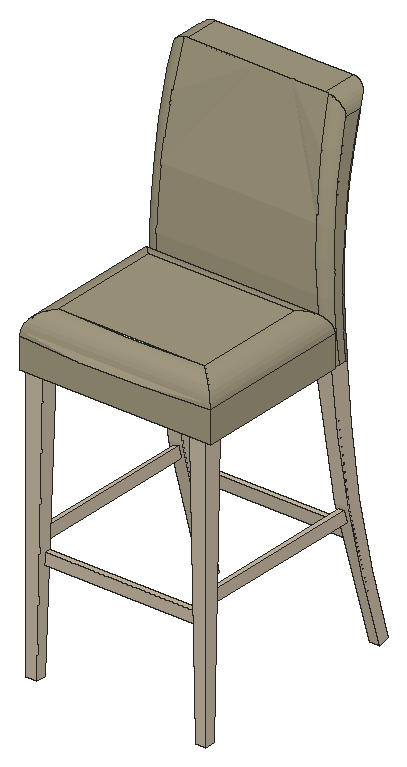
Revit family "Furniture_Chair_PALM BEACH 4.0", category Furniture, Revit 2020
Family settings
  OmniClass Number = 23.21.23.15.17
  Work Plane-Based = Yes
  Always vertical = No
  Cut with Voids When Loaded = No
  Shared = No
  Room Calculation Point = No
Parameters (values of type "PALM BEACH 4.0")
  Youtube clip = ""
  Uniformat II Description = "Movable Furnishings"
  Uniformat II Code = ""
  Uniclass 2015 Name = ""
  Uniclass 2015 Code = ""
  Uniclass 2.0 Description = ""
  Uniclass 2.0 Code = ""
  Uniclass 1.4 Description = ""
  Uniclass 1.4 Code = ""
  UNSPSC Code = ""
  Technical description = ""
  Shell Material = Fabric - Mainline Flax - Kensington MLF07
  Frame Material = Wood - Beech - Desert Aniline
  Region South America = "All"
  Region Oceania = "All"
  Region North America = "All"
  Region Middle East = "All"
  Region Europe = "All"
  Region Asia = "All"
  Region Antarctica = "All"
  Region Africa = "All"
  QR code = "https://www.sandlerseating.com/product/palm-beach-4-0/"
  Product url = "https://www.sandlerseating.com/product/palm-beach-4-0/"
  Product name = "PALM BEACH 4.0"
  Product group = "Chair"
  Product family = "Furniture"
  Product data url = "https://www.sandlerseating.com/product/palm-beach-4-0/"
  Product certification = ""
  Product SKU = "??"
  Product Guid = "??"
  OmniClass Description = ""
  OmniClass Code = "23-21 23 15 17"
  NBS Reference Description = ""
  NBS Reference Code = ""
  Model = "PALM BEACH 4.0"
  Masterformat 2014 Description = "Chair Mats"
  Masterformat 2014 Code = "12 48 43.13"
  Manufacturer name = "Sandler"
  Manufacturer country = "USA"
  Manufacturer = "Sandler"
  Installation instructions = ""
  IFC Classification = "Furnishing Element"
  GTIN code = ""
  Edition number = 1
  Design country = "Brasil"
  Description = "Chair"
  Default Elevation = 0.000 mm
  Date of publishing = ""
  COBIe Type Category = ""
  Brand url = "https://www.sandlerseating.com/"
  BIMobject main category code = "furniture"
  BIMobject main category = "Furniture"
  BIMobject category code = "furniture-chair"
  BIMobject category = "Chair"
Reference planes
  plane 1 "Center Front/Back": y = 0
  plane 2: z = 0
  plane 3 "Center Left/Right": x = 0
Forms (mm)
  SweptBlend 1, solid, material "Fabric - Mainline Flax - Kensington MLF07" <- "Shell Material"
    path origin (0, -22.924, 0) x (0, 1, 0) y (0, 0, 1)
      loop
        arc (252.688, 1144.058) -> (179.892, 880.041) -> (170.672, 606.327) r 1166.283
    profile origin (0, 229.764, 1144.058) x (0, 0.926151, -0.377154) y (1, 0, 0)
      loop
        line (25.032, -160.593) -> (25.032, 159.343)
        arc (25.032, 159.343) -> (-12.468, 196.843) -> (-49.968, 159.343) r 37.5
        line (-49.968, 159.343) -> (-49.968, -160.593)
        arc (-49.968, -160.593) -> (-12.468, -198.093) -> (25.032, -160.593) r 37.5
    end profile origin (0, 147.748, 606.327) x (0, 0.996473, 0.08391) y (1, 0, 0)
      loop
        line (24.004, -185.435) -> (24.004, 186.907)
        arc (24.004, 186.907) -> (-0.996, 211.907) -> (-25.996, 186.907) r 25
        line (-25.996, 186.907) -> (-25.996, -185.435)
        arc (-25.996, -185.435) -> (-0.996, -210.435) -> (24.004, -185.435) r 25
  Extrusion 2, void
    sketch origin (0, -22.924, 0) x (1, 0, 0) y (0, 0, 1)
      loop
        line (-210.581, 604.685) -> (-193.956, 1080.764)
        arc (-193.956, 1080.764) -> (-181.766, 1108.142) -> (-153.98, 1119.368) r 40
        line (-153.98, 1119.368) -> (153.98, 1119.368)
        arc (153.98, 1119.368) -> (181.766, 1108.142) -> (193.956, 1080.764) r 40
        line (193.956, 1080.764) -> (210.581, 604.685) -> (250.581, 604.685) -> (250.581, 1184.685) -> (-245.581, 1184.685) -> (-245.581, 604.685) -> (-210.581, 604.685)
    from -290.765 to -117.39
  Extrusion 3, solid, material "Fabric - Mainline Flax - Kensington MLF07" <- "Shell Material"
    sketch origin (0, -22.924, 840) x (-1, 0, 0) y (0, -1, 0)
      loop
        line (211.903, -144.767) -> (211.903, 201.983)
        arc (211.903, 201.983) -> (0, 211.911) -> (-211.903, 201.983) r 2266.401
        line (-211.903, 201.983) -> (-211.903, -144.767) -> (211.903, -144.767)
    from -230.632 to -111.651
  Sweep 4, void
    path in 3D
      loop
        line (-211.903, -224.906, 728.349) -> (-211.903, 121.844, 728.349) -> (211.903, 121.844, 728.349) -> (211.903, -224.906, 728.349)
        arc (211.903, -224.906, 728.349) -> (0, -234.834, 728.349) -> (-211.903, -224.906, 728.349) r 2266.401
    profile origin (0, -234.834, 728.349) x (0, -1, 0) y (0, 0, 1)
      loop
        line (0, 0) -> (-50, 0)
        arc (-50, 0) -> (-14.645, -14.645) -> (0, -50) r 50
        line (0, -50) -> (0, 0)
  Extrusion 5, void
    sketch origin (0, -22.924, 0) x (0, 1, 0) y (0, 0, 1)
      loop
        line (133.193, 609.368) -> (133.193, 599.368) -> (208.193, 599.368) -> (208.193, 609.368) -> (133.193, 609.368)
    from -225.633 to 220.543
  SweptBlend 6, solid, material "Wood - Beech - Desert Aniline" <- "Frame Material"
    path origin (0, -27.655, 2.393) x (0, 1, 0) y (0, 0, 1)
      loop
        arc (171.051, 621.262) -> (216.053, 301.253) -> (301.426, -10.424) r 2533.419
    profile origin (0, 143.396, 623.655) x (0, 0.997122, 0.075817) y (1, 0, 0)
      loop
        line (21.285, -199.292) -> (21.285, -161.678) -> (-18.715, -161.678) -> (-18.715, -199.292) -> (21.285, -199.292)
    end profile origin (0, 273.771, -8.031) x (0, 0.945659, 0.325159) y (1, 0, 0)
      loop
        line (8.879, -199.07) -> (8.879, -175.254) -> (-13.313, -175.254) -> (-13.313, -199.07) -> (8.879, -199.07)
  SweptBlend 7, solid, material "Wood - Beech - Desert Aniline" <- "Frame Material"
    path origin (-0.345, -26.41, 5.249) x (0, 1, 0) y (0, 0, -1)
      loop
        arc (171.051, -621.262) -> (216.053, -301.253) -> (301.426, 10.424) r 2533.419
    profile origin (-0.345, 144.641, 626.511) x (0, -0.997122, -0.075817) y (-1, 0, 0)
      loop
        line (-21.285, -200.158) -> (18.715, -200.158) -> (18.715, -162.544) -> (-21.285, -162.544) -> (-21.285, -200.158)
    end profile origin (-0.345, 275.016, -5.175) x (0, -0.945659, -0.325159) y (-1, 0, 0)
      loop
        line (-8.879, -199.936) -> (13.313, -199.936) -> (13.313, -176.12) -> (-8.879, -176.12) -> (-8.879, -199.936)
  Blend 8, solid, material "Wood - Beech - Desert Aniline" <- "Frame Material"
    base sketch origin (0, -22.924, 840) x (-1, 0, 0) y (0, -1, 0)
      loop
        line (200.269, 161.922) -> (200.269, 199.293) -> (163.404, 199.293) -> (163.404, 161.922) -> (200.269, 161.922)
    top sketch origin (0, -22.924, 840) x (-1, 0, 0) y (0, -1, 0)
      loop
        line (177.265, 176.67) -> (200.269, 176.67) -> (200.269, 199.293) -> (177.265, 199.293) -> (177.265, 176.67)
    from -230.632 to -840
  Blend 9, solid, material "Wood - Beech - Desert Aniline" <- "Frame Material"
    base sketch origin (0, -22.924, 840) x (1, 0, 0) y (0, 1, 0)
      loop
        line (200.269, -161.922) -> (163.404, -161.922) -> (163.404, -199.293) -> (200.269, -199.293) -> (200.269, -161.922)
    top sketch origin (0, -22.924, 840) x (1, 0, 0) y (0, 1, 0)
      loop
        line (177.265, -176.67) -> (177.265, -199.293) -> (200.269, -199.293) -> (200.269, -176.67) -> (177.265, -176.67)
    from -230.632 to -840
  Extrusion 10, solid, material "Wood - Beech - Desert Aniline" <- "Frame Material"
    sketch origin (0, -22.924, 0) x (1, 0, 0) y (0, 0, 1)
      loop
        line (178.477, 294.255) -> (178.477, 267.063) -> (188.151, 267.063) -> (188.151, 294.255) -> (178.477, 294.255)
      loop
        line (-178.477, 294.255) -> (-188.151, 294.255) -> (-188.151, 267.063) -> (-178.477, 267.063) -> (-178.477, 294.255)
    from -219.895 to 174.048
  Extrusion 11, solid, material "Wood - Beech - Desert Aniline" <- "Frame Material"
    sketch origin (0, -22.924, 0) x (0, 1, 0) y (0, 0, 1)
      loop
        line (232.7, 251.601) -> (222.883, 249.693) -> (228.841, 219.045) -> (238.657, 220.953) -> (232.7, 251.601)
    from -178.477 to 178.477
  Extrusion 12, solid, material "Wood - Beech - Desert Aniline" <- "Frame Material"
    sketch origin (0, -22.924, 0) x (0, 1, 0) y (0, 0, 1)
      loop
        line (-184.288, 253.671) -> (-184.288, 227.175) -> (-172.76, 227.175) -> (-172.76, 253.671) -> (-184.288, 253.671)
    from -178.477 to 178.477
Cuts and joins
  Extrusion 2, Extrusion 5 cuts SweptBlend 1
  Sweep 4 cuts Extrusion 3
Lines and regions (mm)
  sketch lines
    curve 1: arc (211.903, -224.906, 728.349) -> (0, -234.834, 728.349) -> (-211.903, -224.906, 728.349) r 2266.401
    curve 2: line (211.903, -224.906, 728.349) -> (211.903, 121.844, 728.349)
    curve 3: line (211.903, 121.844, 728.349) -> (-211.903, 121.844, 728.349)
    curve 4: line (-211.903, 121.844, 728.349) -> (-211.903, -224.906, 728.349)
Dimensions and locks
  aligned and locked: level to plane 2
